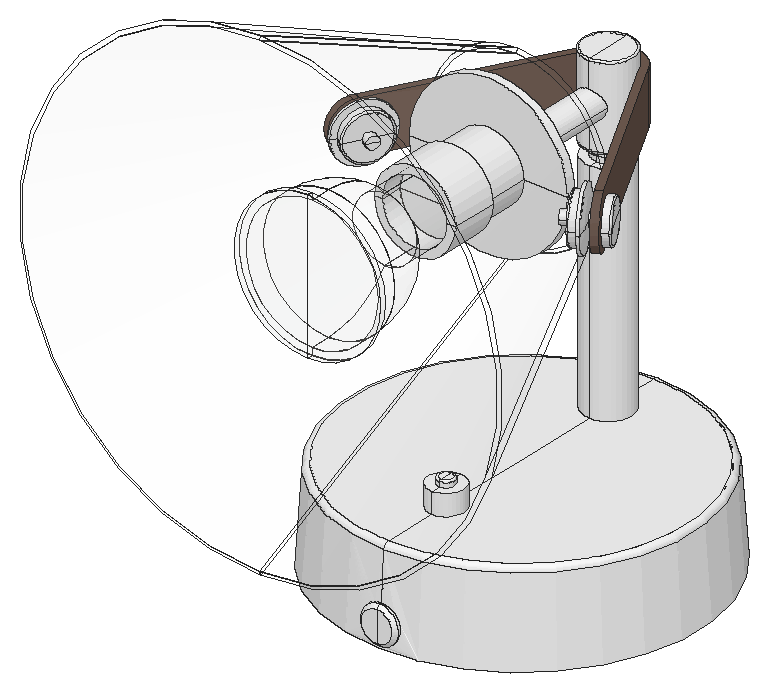
Revit family "Lighting_Wall-Mounted_Nordlux_Strap_15", category Lighting Fixtures, host Face, Revit 2017
Family settings
  Host = Face
  Round Connector Dimension = Use Diameter
  Part Type = Normal
  OmniClass Number = 23.80.70.00
  OmniClass Title = Lighting
  Cut with Voids When Loaded = No
  Light Source = Yes
  Shared = No
  Room Calculation Point = No
Parameters (values of type "Strap 15 - white/white opal with brown straps")
  Wattage = 6.7321 W
  WarrantyStartDate [instance] = "n/a"
  WarrantyGuarantorParts = "n/a"
  WarrantyGuarantorLabor = "n/a"
  WarrantyDurationUnit = "Hours"
  WarrantyDurationParts = "n/a"
  WarrantyDurationLabor = "n/a"
  WarrantyDescription = "n/a"
  built-in parameter 1150110 = 1 (stored number, unit not read)
  VersionDate = "01/07/2020"  # constant formula
  Version = "1"  # constant formula
  UsageCurrent = 0 A
  Uniclass2015Reference = "Pr_70_70_48_85"
  Uniclass2015Description = "Surface luminaires"
  Uniclass2 = "Pr_70_70_48_85"
  URL = "https://www.nordlux.com/products/product/46241001"
  Type Comments = ""
  TotalWattage = 8 W
  built-in parameter 1114217 = 1 (stored number, unit not read)
  Tilt Angle = 90.00°
  built-in parameter 1150109 = 1 (stored number, unit not read)
  built-in parameter 1150134 = (empty or 0)
  TagNumber [instance] = "n/a"
  SustainabilityPerformance = "n/a"
  built-in parameter 1150113 = 1 (stored number, unit not read)
  Socket = "GU10"
  Size = "Shade: 165x165x170 mm / Base mount 123x123x31mm"  # constant formula
  Shape = "Sculptured"
  SerialNumber [instance] = "n/a"
  Revision = "1"  # constant formula
  ReplacementCost = "n/a"
  ProductInformation = "n/a"
  Product data url = "https://www.bimobject.com/nordlux/product/strap_15_wall"
  Photometric Web File = "4624 Strap 15 Væg Opal.ies"
  PhaseReference = "n/a"
  PhaseAngle = 0.00°
  NumberOfSources = 0
  NumberOfPoles = 1
  built-in parameter 1150142 = "IESNA:LM-63-2002\r\n[TEST] Viso LabSpion - serial: 3247052577 sensor serial: 0408532695\r\n[TESTLAB] Viso LabSpion - serial: 3247052577 sensor serial: 0408532695 - Test lab\r\n[MANUFAC] Nordlux\r\n[ISSUEDATE] 29-05-2019\r\n[LUMINAIRE] 4624 Strap 15 Væg Opal\r\n[LUMCAT] B2019125\r\n[_SERIALNUMBER] VFR-190529-0321-MS\r\nTILT=NONE\r\n1 328 1 37 5 1 2 -0.165 -0.165 0.17\r\n1.0 1.0 3.18\r\n0 5 10 15 20 25 30 35 40 45 50 55 60 65 70 75 80 85 90 95 100 105 110 115 120 125 130 135 140 145 150 155 160 165 170 175 180\r\n0 90 180 270 360 \r\n42.1608 42.3999 43.8505 45.6332 47.7112 50.6735 54.0789 56.6676 58.7667 60.5339 61.404 61.2536 59.6495 54.0263 39.0048 22.6422 14.5886 11.725 10.6859 10.9872 11.6476 12.0829 12.5312 12.9415 13.392 13.4536 13.3948 13.4217 13.0929 12.7963\r\n 12.3718 11.5723 10.0573 7.6818 3.7419 0.6895 0.6023\r\n42.1608 42.6015 44.1435 45.6504 47.9814 50.3764 54.1817 57.659 60.1436 62.4715 63.3401 62.9755 61.3631 56.4468 39.0859 20.2125 14.4085 12.0083 10.5858 11.0173 11.1719 9.3983 4.6273 3.8678 4.2458 4.5984 4.8098 4.7699 4.9825 5.2416 5.4197\r\n 5.4675 4.8666 3.3069 1.7563 1.0618 0.6023\r\n42.1608 42.3999 43.8505 45.6332 47.7112 50.6735 54.0789 56.6676 58.7667 60.5339 61.404 61.2536 59.6495 54.0263 39.0048 22.6422 14.5886 11.725 10.6859 10.9872 11.6476 12.0829 12.5312 12.9415 13.392 13.4536 13.3948 13.4217 13.0929 12.7963\r\n 12.3718 11.5723 10.0573 7.6818 3.7419 0.6895 0.6023\r\n42.1608 42.6015 44.1435 45.6504 47.9814 50.3764 54.1817 57.659 60.1436 62.4715 63.3401 62.9755 61.3631 56.4468 39.0859 20.2125 14.4085 12.0083 10.5858 11.0173 11.1719 9.3983 4.6273 3.8678 4.2458 4.5984 4.8098 4.7699 4.9825 5.2416 5.4197\r\n 5.4675 4.8666 3.3069 1.7563 1.0618 0.6023\r\n42.1608 42.3999 43.8505 45.6332 47.7112 50.6735 54.0789 56.6676 58.7667 60.5339 61.404 61.2536 59.6495 54.0263 39.0048 22.6422 14.5886 11.725 10.6859 10.9872 11.6476 12.0829 12.5312 12.9415 13.392 13.4536 13.3948 13.4217 13.0929 12.7963\r\n 12.3718 11.5723 10.0573 7.6818 3.7419 0.6895 0.6023\r\n"
  NominalWidth = 165.003 mm
  NominalVoltageCalc = 0 V
  NominalVoltage = 230 V
  NominalRadius = NominalDiameter / 2  # 82.5 mm
  NominalLength = 171.854 mm
  NominalHeight = 209.151 mm
  NominalFrequencyRange = 50 Hz
  NominalDiameter = 165 mm
  NominalCurrent = 0 A
  Name = "Strap_15"  # constant formula
  NBSReference = "90-60-50/405"
  NBSDescription = "General purpose luminaires"
  ModelReference = ArticleNumber  # "46241001"
  ModelNumber = "n/a"
  Model = "Strap 15 - white/white opal with brown straps"
  Material = "Glass, metal & leather"
  ManufacturersSpecificInformation = "n/a"
  ManufacturerURL = "https://www.nordlux.com/"
  ManufacturerName = "Nordlux"
  Manufacturer = "Nordlux"
  MaintenanceFactor = 0
  built-in parameter 1150105 = 1506.4 (stored number, unit not read)
  Lumens = 1000 lm
  built-in parameter 1150115 = 1 (stored number, unit not read)
  LightSource = "Not included"
  LightFixtureTertiaryMaterial = Chrome
  LightFixtureSecondaryMaterial = Brown leather
  LightFixtureQuaternaryMaterial = Opal white
  LightFixturePlacingType = "Wall"
  LightFixtureMountingType = "Surface"
  LightFixtureMainMaterial = White
  built-in parameter 1150137 = (empty or 0)
  built-in parameter 1150139 = (empty or 0)
  LensMaterial = Glass
  built-in parameter 1150112 = 1 (stored number, unit not read)
  built-in parameter 1150114 = 1 (stored number, unit not read)
  InsulationStandardClass = "Class 2 (Double isolated)"
  InstallationDate [instance] = "n/a"
  built-in parameter 1150132 = 2
  built-in parameter 1150102 = (empty or 0)
  built-in parameter 1150107 = 3000 (stored number, unit not read)
  built-in parameter 1150138 = (empty or 0)
  built-in parameter 1150106 = 15.064 (stored number, unit not read)
  IfcExportType = "NOTDEFINED"  # constant formula
  IfcExportAs = "IfcLightFixtureType"  # constant formula
  IP_Code = "IP20"
  HasProtectiveEarth = no
  Grade = "n/a"
  Finish = "Primary material glass, secondary material leather, textile cable."
  Features = "White textile cable 200cm. Cable can be replaced."
  ExpectedLife = "n/a"
  EnergyClass = "A++ - A"
  Emit from Circle Diameter = 50 mm
  Emit Shape Visible in Rendering = no
  ElectricalDeviceNominalPower = 0
  built-in parameter 1150104 = 13.8 (stored number, unit not read)
  EANNumber = "5701581397484"
  DurationUnit = "Hours"
  Dimming Lamp Color Temperature Shift = <None>
  Designer = "Bonnelycke MDD"
  Description = "Metal and leather go well with the light Nordic style. The combination of these materials also allows the light to visually interact with a modern interior, where combining materials is one of the biggest current trends. With STRAP it seems obvious – just as obvious as how a Nordic light design is named after a leather strap. The narrow and elegant leather gives STRAP both a warm and raw look, which balances between the classic and the industrial. It comes with two leather straps in brown and black respectively, so it's up to you to give the STRAP the final look."
  Default Elevation = 0 mm
  ConvergoRefNr = "0143-1909-0019-DK"  # constant formula
  Constituents = "n/a"
  Color Filter = 16777215
  Color = "White"
  Collection = "Strap"
  CodePerformance = "n/a"
  Category = "Indoor lighting"
  Brand = "n/a"
  Barcode [instance] = "n/a"
  built-in parameter 1114218 = 1 (stored number, unit not read)
  BIMObjectName = "Lighting_Wall-Mounted_Nordlux_Strap_15"  # constant formula
  Author = "Convergo AB"  # constant formula
  built-in parameter 1150133 = 10 (stored number, unit not read)
  AssetType = "Fixed"
  AssetIdentifier [instance] = "n/a"
  ArticleNumber = "46241001"
  AccessibilityPerformance = "n/a"
Reference planes
  plane 1 "Center (Front/Back)": y = 0
  plane 2: z = 0
  plane 3 "Center (Left/Right)": x = 0
  plane 4: y = 85.927
  plane 5: y = -85.927
  plane 6: z = 209.151
  plane 7: x = 82.501
  plane 8: x = -82.501
Forms (mm)
  Extrusion 1, solid, material "White" <- "LightFixtureMainMaterial", detail levels coarse
    sketch origin (0, 0, 0) x (1, 0, 0) y (0, 1, 0)
      loop
        line (-82.501, 85.927) -> (-82.501, -85.927) -> (82.501, -85.927) -> (82.501, 85.927) -> (-82.501, 85.927)
    from 0 to 209.151
Dimensions and locks
  equal spacing: plane 8, plane 3 "Center (Left/Right)", plane 7
  equal spacing: plane 4, plane 1 "Center (Front/Back)", plane 5
  "NominalLength": plane 4 to plane 5
  "NominalWidth": plane 8 to plane 7
  "NominalHeight": plane 6 to level
  aligned and locked: plane 2 to host face
  aligned and locked: level to host face
  aligned and locked: Extrusion 1 sketch curve to plane 8
  aligned and locked: Extrusion 1 sketch curve to plane 7
  aligned and locked: Extrusion 1 sketch curve to plane 4
  aligned and locked: Extrusion 1 sketch curve to plane 5
  aligned and locked: Extrusion 1 to plane 6
  aligned and locked: plane 3 "Center (Left/Right)" to nested 1
  aligned and locked: nested 1 to plane 1 "Center (Front/Back)"
  aligned and locked: imposter light to nested 1  (x2)
Automatic sketch dimensions
  host sketch curve to host sketch curve = 2438.4 mm  (x2)
Nested families
  nested 1: "Strap_15_Wall" at (0, -85.927, 126.65) x (1, 0, 0) z (0, 1, 0), Glass <- "LensMaterial", Metal <- "LightFixtureMainMaterial", Strap <- "LightFixtureSecondaryMaterial", Nuts <- "LightFixtureTertiaryMaterial", LampMaterial <- "LightFixtureQuaternaryMaterial", type "Strap_15_Wall"
    with Strap Brown leather, Nuts Chrome, Metal White, LampMaterial Opal white, Glass Glass
Connectors
  electrical at (0, -36.173, 7), driven by "NumberOfPoles", driven by "NominalVoltage"
    settings: on nested 1, index 1, voltage 230 V, apparent load 0 VA, apparent load phase1 0 VA, apparent load phase2 0 VA, apparent load phase3 0 VA, power factor 1, load classification "Other", number of poles 1, system type 31, power factor state 1, is connector primary yes, connector utility no, sub classification motor no, connector description ""
Definition of nested family "Strap_15_Wall"
  Parameters (values of type "Strap_15_Wall")
    Strap [instance] = none
    Nuts [instance] = none
    Metal [instance] = none
    LampMaterial [instance] = none
    Glass [instance] = none
    Default Elevation = 1219.2 mm
  Reference planes
    plane 1 "Center (Front/Back)": y = 0
    plane 2: z = 0
    plane 3 "Center (Left/Right)": x = 0
    plane 4: z = 171.854
    plane 5: z = 20.354
    plane 6: x = -82.501
    plane 7: x = 82.501
    plane 8: y = 126.65
    plane 9: y = -82.501
    plane 10: y = 22.074
    plane 11: z = 85.927
  Forms (mm)
    Revolve 1, solid, material <- "LampMaterial", detail levels medium+fine
      sketch origin (0, 0, 0) x (0, 1, 0) y (0, 0, 1)
        loop
          line (81.093, -0.001) -> (82.501, 0.512)
          arc (82.501, 0.512) -> (58.841, 56.399) -> (30.478, 110.052) r 707.47
          line (30.478, 110.052) -> (29.161, 109.282)
          arc (29.161, 109.282) -> (57.472, 55.755) -> (81.093, -0.001) r 705.97
        axis (0, 110.052) -> (0, -0.001)
      angle from 0 to 360
    Revolve 2, solid, material <- "Glass", detail levels medium+fine
      sketch origin (0, 0, -10.439) x (0, 1, 0) y (0, 0, 1)
        loop
          line (0, 30.793) -> (25, 30.793) -> (25, 32.793) -> (22.5, 32.793) -> (22.5, 39.96)
          arc (22.5, 39.96) -> (19.463, 53.223) -> (10.957, 63.843) r 30.481
          line (10.957, 63.843) -> (10.957, 83.843) -> (0, 83.843) -> (0, 30.793)
        axis (0, 83.843) -> (0, 30.793)
      angle from 0 to 360
    Revolve 3, solid, material <- "Metal", detail levels medium+fine
      sketch origin (0, 0, 0) x (1, 0, 0) y (0, 0, 1)
        loop
          line (-5, 100.354) -> (-26.913, 100.354) -> (-26.913, 97.354) -> (-11.955, 97.354) -> (-11.955, 81.85) -> (-13.756, 81.85) -> (-13.756, 66.05) -> (-10.957, 66.05) -> (-10.957, 73.401) -> (0, 73.401) -> (0, 149.676) -> (-5, 149.676) -> (-5, 100.354)
        axis (0, 66.05) -> (0, 149.676)
      angle from 0 to 360
    Extrusion 4, solid, material <- "Strap", detail levels medium+fine
      sketch origin (0, 0, 0) x (1, 0, 0) y (0, 0, 1)
        loop
          line (-46.826, 85.869) -> (-44.617, 84.696)
          arc (-44.617, 84.696) -> (-25.766, 118.343) -> (-7.483, 152.302) r 2298.36
          arc (-7.483, 152.302) -> (0, 156.814) -> (7.483, 152.302) r 8.46
          arc (7.483, 152.302) -> (25.766, 118.343) -> (44.617, 84.696) r 2298.36
          line (44.617, 84.696) -> (46.826, 85.869)
          arc (46.826, 85.869) -> (27.976, 119.513) -> (9.694, 153.469) r 2295.86
          arc (9.694, 153.469) -> (0, 159.314) -> (-9.694, 153.469) r 10.96
          arc (-9.694, 153.469) -> (-27.976, 119.513) -> (-46.826, 85.869) r 2295.86
      from -9 to 9
    Sweep 5, void
      path in 3D
        loop
          line (43.513, -9, 84.11) -> (47.929, -9, 86.455)
      profile origin (45.721, -9, 85.282) x (-0.469002, 0, 0.883197) y (0, -1, 0)
        loop
          line (-1, 0) -> (-1, -18) -> (9, -18)
          arc (9, -18) -> (0, -9) -> (9, 0) r 9
          line (9, 0) -> (-1, 0)
    Sweep 6, void
      path in 3D
        loop
          line (-43.513, -9, 84.11) -> (-47.929, -9, 86.455)
      profile origin (-45.721, -9, 85.282) x (-0.469002, 0, -0.883197) y (0, -1, 0)
        loop
          line (1, 0) -> (-9, 0)
          arc (-9, 0) -> (0, -9) -> (-9, -18) r 9
          line (-9, -18) -> (1, -18) -> (1, 0)
    Revolve 7, solid, material <- "Nuts", detail levels medium+fine
      sketch origin (0, 0, 0) x (1, 0, 0) y (0, 0, 1)
        loop
          line (-45.053, 95.225) -> (-31.889, 88.035) -> (-30.93, 89.79) -> (-33.547, 91.22) -> (-30.898, 96.069)
          arc (-30.898, 96.069) -> (-30.857, 96.449) -> (-31.097, 96.747) r 0.5
          line (-31.097, 96.747) -> (-33.291, 97.946) -> (-32.345, 99.679) -> (-33.222, 100.158)
          arc (-33.222, 100.158) -> (-35.68, 96.969) -> (-37.716, 93.497) r 31.869
          line (-37.716, 93.497) -> (-41.462, 95.543) -> (-39.065, 99.931) -> (-41.259, 101.129)
          arc (-41.259, 101.129) -> (-41.639, 101.17) -> (-41.937, 100.93) r 0.5
          line (-41.937, 100.93) -> (-45.053, 95.225)
        axis (-45.053, 95.225) -> (-31.889, 88.035)
      angle from 0 to 360
    Revolve 8, solid, material <- "Nuts", detail levels medium+fine
      sketch origin (0, 0, 0) x (-1, 0, 0) y (0, 0, 1)
        loop
          line (-45.053, 95.225) -> (-31.889, 88.035) -> (-30.93, 89.79) -> (-33.547, 91.22) -> (-30.898, 96.069)
          arc (-30.898, 96.069) -> (-30.857, 96.449) -> (-31.097, 96.747) r 0.5
          line (-31.097, 96.747) -> (-33.291, 97.946) -> (-32.345, 99.679) -> (-33.222, 100.158)
          arc (-33.222, 100.158) -> (-35.68, 96.969) -> (-37.716, 93.497) r 31.869
          line (-37.716, 93.497) -> (-41.462, 95.543) -> (-39.065, 99.931) -> (-41.259, 101.129)
          arc (-41.259, 101.129) -> (-41.639, 101.17) -> (-41.937, 100.93) r 0.5
          line (-41.937, 100.93) -> (-45.053, 95.225)
        axis (-45.053, 95.225) -> (-31.889, 88.035)
      angle from 0 to 360
    Revolve 9, solid, material <- "Metal", detail levels medium+fine
      sketch origin (0, 0, 0) x (0, 1, 0) y (0, 0, 1)
        loop
          line (14.15, 148.354) -> (14.15, 156.314)
          arc (14.15, 156.314) -> (14.004, 156.668) -> (13.65, 156.814) r 0.5
          line (13.65, 156.814) -> (-13.65, 156.814)
          arc (-13.65, 156.814) -> (-14.004, 156.668) -> (-14.15, 156.314) r 0.5
          line (-14.15, 156.314) -> (-14.15, 148.354) -> (14.15, 148.354)
        axis (-14.15, 148.354) -> (14.15, 148.354)
      angle from 0 to 360
    Revolve 10, solid, material <- "Metal", detail levels medium+fine
      sketch origin (0, 0, 0) x (0, 1, 0) y (0, 0, 1)
        loop
          line (99.591, 148.354) -> (99.591, 156.383) -> (18.65, 156.383) -> (18.65, 153.387) -> (16.15, 153.387) -> (16.15, 154.613) -> (14.15, 154.613) -> (14.15, 148.354) -> (99.591, 148.354)
        axis (14.15, 148.354) -> (99.591, 148.354)
      angle from 0 to 360
    Revolve 11, solid, material <- "Metal", detail levels medium+fine
      sketch origin (0, 0, 0) x (0, 1, 0) y (0, 0, 1)
        loop
          line (126.65, 111.354) -> (126.65, 171.854) -> (97.51, 169.816)
          arc (97.51, 169.816) -> (96.187, 169.185) -> (95.65, 167.821) r 2
          line (95.65, 167.821) -> (95.65, 111.354) -> (126.65, 111.354)
        axis (126.65, 111.354) -> (95.65, 111.354)
      angle from 0 to 360
    Revolve 12, solid, material <- "Metal", detail levels medium+fine
      sketch origin (0, 0, 0) x (0, 1, 0) y (0, 0, 1)
        loop
          line (119.65, 49.754) -> (124.894, 49.754) -> (126.058, 51.094) -> (126.058, 55.026) -> (119.65, 55.026) -> (119.65, 49.754)
        axis (119.65, 55.026) -> (119.65, 49.754)
      angle from 0 to 360
    Revolve 13, solid, material <- "Metal", detail levels medium+fine
      sketch origin (0, 0, 0) x (0, 1, 0) y (0, 0, 1)
        loop
          line (86.65, 79.343) -> (102.452, 79.343) -> (102.452, 85.331) -> (88.65, 85.331) -> (88.65, 82.078) -> (87.15, 82.078)
          arc (87.15, 82.078) -> (86.796, 81.932) -> (86.65, 81.578) r 0.5
          line (86.65, 81.578) -> (86.65, 79.343)
        axis (102.452, 79.343) -> (86.65, 79.343)
      angle from 0 to 360
  Cuts and joins
    Sweep 5, Sweep 6 cuts Extrusion 4
    joined: Revolve 3, Revolve 9, Revolve 10, Revolve 11, Revolve 12, Revolve 13
    joined: Revolve 7, Revolve 8
  Lines and regions (mm)
    sketch lines
      curve 1: line (43.513, -9, 84.11) -> (47.929, -9, 86.455)
      curve 2: line (-43.513, -9, 84.11) -> (-47.929, -9, 86.455)
    symbolic lines, detail levels medium+fine
      curve 3: line (-81.093, 0, -0.001) -> (0, 0, -0.001)
      curve 4: line (-82.501, 0, 0.512) -> (-81.093, 0, -0.001)
      curve 6: line (81.093, 0, -0.001) -> (0, 0, -0.001)
      curve 7: line (82.501, 0, 0.512) -> (81.093, 0, -0.001)
      curve 8: line (0, 0, -0.001) -> (0, 81.093, -0.001)
      curve 9: line (0, 81.093, -0.001) -> (0, 82.501, 0.512)
      curve 10: arc (0, 82.501, 0.512) -> (0, 58.841, 56.399) -> (0, 30.478, 110.052) r 707.47
      curve 11: line (0, 9, 110.052) -> (0, 30.478, 110.052)
      curve 13: line (0, 14.15, 156.326) -> (0, 14.15, 154.604)
      curve 14: line (0, 13.65, 139.824) -> (0, 9, 139.824)
      curve 15: line (0, 13.65, 156.826) -> (0, 9, 156.826)
      curve 16: arc (0, 13.65, 156.826) -> (0, 14.004, 156.679) -> (0, 14.15, 156.326) r 0.5
      curve 17: arc (0, 14.15, 140.324) -> (0, 14.004, 139.97) -> (0, 13.65, 139.824) r 0.5
      curve 24: line (0, 9, 110.052) -> (0, 9, 139.824)
      curve 28: line (0, 0, -0.001) -> (0, -81.093, -0.001)
      curve 29: line (0, -81.093, -0.001) -> (0, -82.501, 0.512)
      curve 30: arc (0, -82.501, 0.512) -> (0, -58.841, 56.399) -> (0, -30.478, 110.052) r 707.47
      curve 31: line (0, -9, 110.052) -> (0, -30.478, 110.052)
      curve 33: line (0, -14.153, 156.326) -> (0, -14.153, 140.324)
      curve 34: line (0, -13.653, 139.824) -> (0, -9, 139.824)
      curve 35: line (0, -13.653, 156.826) -> (0, -9, 156.826)
      curve 36: arc (0, -13.653, 156.826) -> (0, -14.006, 156.679) -> (0, -14.153, 156.326) r 0.5
      curve 37: arc (0, -14.153, 140.324) -> (0, -14.006, 139.97) -> (0, -13.653, 139.824) r 0.5
      curve 44: line (0, -9, 110.052) -> (0, -9, 139.824)
      curve 46: arc (-8.028, 82.11, 0) -> (0, -82.501, 0) -> (8.028, 82.11, 0) r 82.501
      curve 50: line (0, 9, 156.826) -> (0, 9, 158.4)
      curve 51: line (0, 9, 158.4) -> (0, -9, 158.4)
      curve 52: line (0, -9, 158.4) -> (0, -9, 156.826)
      curve 53: line (0, 16.15, 154.604) -> (0, 14.15, 154.604)
      curve 54: line (0, 16.15, 154.604) -> (0, 16.15, 153.329)
      curve 55: line (0, 16.97, 153.329) -> (0, 16.15, 153.329)
      curve 56: line (0, 16.97, 153.329) -> (0, 16.97, 152.354)
      curve 57: line (0, 16.97, 152.354) -> (0, 18.65, 152.354)
      curve 58: line (0, 18.65, 152.354) -> (0, 18.65, 155.132)
      curve 59: line (0, 18.65, 155.132) -> (0, 22.4, 155.132)
      curve 60: arc (0, 22.4, 155.132) -> (0, 24.602, 155.443) -> (0, 26.631, 156.354) r 7.934
      curve 61: line (0, 26.631, 156.354) -> (0, 95.65, 156.354)
      curve 62: line (0, 95.65, 156.354) -> (0, 95.65, 167.821)
      curve 63: line (0, 126.65, 171.854) -> (0, 97.51, 169.816)
      curve 64: arc (0, 97.51, 169.816) -> (0, 96.187, 169.185) -> (0, 95.65, 167.821) r 2
      curve 65: line (0, 126.65, 50.854) -> (0, 125.892, 50.907)
      curve 66: arc (0, 97.51, 52.892) -> (0, 96.187, 53.523) -> (0, 95.65, 54.887) r 2
      curve 67: line (0, 126.65, 50.854) -> (0, 126.65, 171.854)
      curve 68: line (0, 18.65, 140.354) -> (0, 95.65, 140.354)
      curve 69: line (0, 95.65, 54.887) -> (0, 95.65, 73.303)
      curve 71: line (0, 124.739, 49.754) -> (0, 125.892, 50.907)
      curve 72: line (0, 114.561, 49.754) -> (0, 112.47, 51.846)
      curve 73: line (0, 114.561, 49.754) -> (0, 124.739, 49.754)
      curve 75: line (0, 112.47, 51.846) -> (0, 97.51, 52.892)
      curve 76: line (0, 95.65, 73.303) -> (0, 88.65, 73.303)
      curve 77: line (0, 95.65, 85.331) -> (0, 88.65, 85.331)
      curve 78: line (0, 88.65, 85.331) -> (0, 88.65, 82.078)
      curve 79: line (0, 88.65, 76.609) -> (0, 87.15, 76.609)
      curve 80: line (0, 88.65, 82.078) -> (0, 87.15, 82.078)
      curve 81: line (0, 86.65, 77.109) -> (0, 86.65, 81.578)
      curve 82: arc (0, 87.15, 82.078) -> (0, 86.796, 81.932) -> (0, 86.65, 81.578) r 0.5
      curve 83: arc (0, 86.65, 77.109) -> (0, 86.796, 76.755) -> (0, 87.15, 76.609) r 0.5
      curve 84: line (0, 88.65, 76.609) -> (0, 88.65, 73.303)
      curve 86: line (0, 95.65, 85.331) -> (0, 95.65, 140.354)
      curve 88: line (0, 16.15, 142.045) -> (0, 14.15, 142.045)
      curve 89: line (0, 16.15, 142.045) -> (0, 16.15, 143.321)
      curve 90: line (0, 16.97, 143.321) -> (0, 16.15, 143.321)
      curve 91: line (0, 16.97, 143.321) -> (0, 16.97, 144.295)
      curve 92: line (0, 16.97, 144.295) -> (0, 18.65, 144.295)
      curve 93: line (0, 18.65, 144.295) -> (0, 18.65, 140.354)
      curve 97: arc (49.132, 0, 76.051) -> (0, 0, 171.854) -> (-49.132, 0, 76.051) r 60.5
      curve 98: arc (-49.132, 0, 76.051) -> (-66.92, 0, 38.769) -> (-82.501, 0, 0.512) r 707.47
      curve 99: arc (49.132, 0, 76.051) -> (66.92, 0, 38.769) -> (82.501, 0, 0.512) r 707.47
      curve 115: line (-60.5, 126.65, 0) -> (0, 126.65, 0)
      curve 116: line (-58.462, 97.51, 0) -> (-60.5, 126.65, 0)
      curve 117: line (-56.467, 95.65, 0) -> (-8.028, 95.65, 0)
      curve 118: line (-8.028, 95.65, 0) -> (-8.028, 82.11, 0)
      curve 119: arc (-56.467, 95.65, 0) -> (-57.831, 96.187, 0) -> (-58.462, 97.51, 0) r 2
      curve 120: line (60.5, 126.65, 0) -> (0, 126.65, 0)
      curve 121: line (58.462, 97.51, 0) -> (60.5, 126.65, 0)
      curve 122: line (56.467, 95.65, 0) -> (8.028, 95.65, 0)
      curve 123: line (8.028, 95.65, 0) -> (8.028, 82.11, 0)
      curve 124: arc (56.467, 95.65, 0) -> (57.831, 96.187, 0) -> (58.462, 97.51, 0) r 2
      curve 171: line (0, 14.15, 142.045) -> (0, 14.15, 140.324)
    symbolic lines, detail levels fine
      curve 5: arc (-44.653, 0, 84.628) -> (-46.907, 0, 80.347) -> (-49.132, 0, 76.051) r 707.47
      curve 12: line (0, 9, 92.618) -> (0, 9, 110.052)
      curve 18: spline (0, 0, 84.696) -> (0, 1.175, 84.764) -> (0, 2.329, 84.966) -> (0, 3.444, 85.299) -> (0, 4.5, 85.758) -> (0, 5.479, 86.333) -> (0, 6.364, 87.016) -> (0, 7.14, 87.796) -> (0, 7.794, 88.657) -> (0, 8.315, 89.587) -> (0, 8.693, 90.568) -> (0, 8.923, 91.584) -> (0, 9, 92.618)
      curve 19: spline (0, 9, 93.791) -> (0, 8.923, 92.76) -> (0, 8.693, 91.746) -> (0, 8.315, 90.767) -> (0, 7.794, 89.84) -> (0, 7.14, 88.979) -> (0, 6.364, 88.2) -> (0, 5.479, 87.517) -> (0, 4.5, 86.94) -> (0, 3.444, 86.48) -> (0, 2.329, 86.145) -> (0, 1.175, 85.94) -> (0, 0, 85.869)
      curve 20: spline (0, 7, 93.791) -> (0, 6.941, 92.989) -> (0, 6.762, 92.2) -> (0, 6.468, 91.439) -> (0, 6.063, 90.718) -> (0, 5.555, 90.049) -> (0, 4.951, 89.445) -> (0, 4.263, 88.914) -> (0, 3.501, 88.468) -> (0, 2.68, 88.112) -> (0, 1.812, 87.854) -> (0, 0.914, 87.697) -> (0, 0, 87.644)
      curve 21: spline (0, 7, 95.079) -> (0, 6.94, 95.881) -> (0, 6.761, 96.669) -> (0, 6.467, 97.43) -> (0, 6.062, 98.151) -> (0, 5.553, 98.819) -> (0, 4.95, 99.423) -> (0, 4.261, 99.953) -> (0, 3.5, 100.399) -> (0, 2.679, 100.755) -> (0, 1.812, 101.013) -> (0, 0.914, 101.17) -> (0, 0, 101.222)
      curve 22: line (0, 7, 95.079) -> (0, 7, 93.791)
      curve 23: line (0, 82.501, 0.512) -> (0, 0, 0.512)
      curve 25: line (0, 9, 139.824) -> (0, 9, 156.826)
      curve 26: line (-82.501, 0, 0.512) -> (0, 0, 0.512)
      curve 27: line (82.501, 0, 0.512) -> (0, 0, 0.512)
      curve 32: line (0, -9, 92.618) -> (0, -9, 110.052)
      curve 38: spline (0, 0, 84.696) -> (0, -1.175, 84.764) -> (0, -2.329, 84.966) -> (0, -3.444, 85.299) -> (0, -4.5, 85.758) -> (0, -5.479, 86.333) -> (0, -6.364, 87.016) -> (0, -7.14, 87.796) -> (0, -7.794, 88.657) -> (0, -8.315, 89.587) -> (0, -8.693, 90.568) -> (0, -8.923, 91.584) -> (0, -9, 92.618)
      curve 39: spline (0, -9, 93.791) -> (0, -8.923, 92.76) -> (0, -8.693, 91.746) -> (0, -8.315, 90.767) -> (0, -7.794, 89.84) -> (0, -7.14, 88.979) -> (0, -6.364, 88.2) -> (0, -5.479, 87.517) -> (0, -4.5, 86.94) -> (0, -3.444, 86.48) -> (0, -2.329, 86.145) -> (0, -1.175, 85.94) -> (0, 0, 85.869)
      curve 40: spline (0, -7, 93.791) -> (0, -6.941, 92.989) -> (0, -6.762, 92.2) -> (0, -6.468, 91.439) -> (0, -6.063, 90.718) -> (0, -5.555, 90.049) -> (0, -4.951, 89.445) -> (0, -4.263, 88.914) -> (0, -3.501, 88.468) -> (0, -2.68, 88.112) -> (0, -1.812, 87.854) -> (0, -0.914, 87.697) -> (0, 0, 87.644)
      curve 41: spline (0, -7, 95.079) -> (0, -6.94, 95.881) -> (0, -6.761, 96.669) -> (0, -6.467, 97.43) -> (0, -6.062, 98.151) -> (0, -5.553, 98.819) -> (0, -4.95, 99.423) -> (0, -4.261, 99.953) -> (0, -3.5, 100.399) -> (0, -2.679, 100.755) -> (0, -1.812, 101.013) -> (0, -0.914, 101.17) -> (0, 0, 101.222)
      curve 42: line (0, -7, 95.079) -> (0, -7, 93.791)
      curve 43: line (0, -82.501, 0.512) -> (0, 0, 0.512)
      curve 45: line (0, -9, 139.824) -> (0, -9, 156.826)
      curve 47: arc (-8.028, 80.695, 0) -> (0, -81.093, 0) -> (8.028, 80.695, 0) r 81.093
      curve 48: arc (-8.028, 28.034, 0) -> (-20.257, 20.976, 0) -> (-27.737, 9, 0) r 29.161
      curve 49: arc (-8.028, 23.676, 0) -> (-17.309, 18.039, 0) -> (-23.324, 9, 0) r 25
      curve 70: line (0, 95.65, 140.354) -> (0, 95.65, 156.354)
      curve 74: line (0, 125.892, 50.907) -> (0, 112.47, 51.846)
      curve 85: line (0, 88.65, 82.078) -> (0, 88.65, 76.609)
      curve 87: line (0, 95.65, 73.303) -> (0, 95.65, 85.331)
      curve 94: line (0, 18.65, 144.295) -> (0, 18.65, 152.354)
      curve 95: line (0, 60.65, 156.354) -> (0, 60.65, 140.354)
      curve 96: line (0, 50.65, 156.354) -> (0, 50.65, 140.354)
      curve 100: arc (-9.694, 0, 153.469) -> (-27.976, 0, 119.513) -> (-46.826, 0, 85.869) r 2295.86
      curve 101: line (-46.826, 0, 85.869) -> (-44.653, 0, 84.628)
      curve 102: arc (0, 0, 159.314) -> (-5.66, 0, 157.74) -> (-9.694, 0, 153.469) r 10.96
      curve 103: arc (0, 0, 139.894) -> (-8.46, 0, 148.354) -> (0, 0, 156.814) r 8.46
      curve 104: arc (-44.617, 0, 84.696) -> (-25.766, 0, 118.343) -> (-7.483, 0, 152.302) r 2298.36
      curve 105: line (-5, 0, 141.529) -> (-5, 0, 110.052)
      curve 106: line (-30.343, 0, 110.052) -> (0, 0, 110.052)
      curve 107: arc (44.653, 0, 84.628) -> (46.907, 0, 80.347) -> (49.132, 0, 76.051) r 707.47
      curve 108: arc (9.694, 0, 153.469) -> (27.976, 0, 119.513) -> (46.826, 0, 85.869) r 2295.86
      curve 109: line (46.826, 0, 85.869) -> (44.653, 0, 84.628)
      curve 110: arc (0, 0, 159.314) -> (5.66, 0, 157.74) -> (9.694, 0, 153.469) r 10.96
      curve 111: arc (0, 0, 139.894) -> (8.46, 0, 148.354) -> (0, 0, 156.814) r 8.46
      curve 112: arc (44.617, 0, 84.696) -> (25.766, 0, 118.343) -> (7.483, 0, 152.302) r 2298.36
      curve 113: line (5, 0, 141.529) -> (5, 0, 110.052)
      curve 114: line (30.343, 0, 110.052) -> (0, 0, 110.052)
      curve 125: line (42.374, 9, 0) -> (-42.374, 9, 0)
      curve 126: spline (-45.219, 6.913, 0) -> (-45.016, 7.235, 0) -> (-44.805, 7.533, 0) -> (-44.585, 7.805, 0) -> (-44.358, 8.051, 0) -> (-44.125, 8.271, 0) -> (-43.886, 8.462, 0) -> (-43.642, 8.626, 0) -> (-43.393, 8.76, 0) -> (-43.141, 8.865, 0) -> (-42.887, 8.94, 0) -> (-42.631, 8.985, 0) -> (-42.374, 9, 0)
      curve 127: spline (-42.374, -9, 0) -> (-42.632, -8.985, 0) -> (-42.889, -8.94, 0) -> (-43.144, -8.864, 0) -> (-43.397, -8.759, 0) -> (-43.646, -8.625, 0) -> (-43.891, -8.462, 0) -> (-44.131, -8.27, 0) -> (-44.365, -8.05, 0) -> (-44.592, -7.804, 0) -> (-44.812, -7.531, 0) -> (-45.024, -7.233, 0) -> (-45.226, -6.91, 0)
      curve 128: line (-42.374, -9, 0) -> (42.374, -9, 0)
      curve 129: spline (-42.374, 6.999, 0) -> (-41.941, 6.928, 0) -> (-41.515, 6.74, 0) -> (-41.105, 6.439, 0) -> (-40.716, 6.03, 0) -> (-40.357, 5.519, 0) -> (-40.032, 4.916, 0) -> (-39.747, 4.23, 0) -> (-39.507, 3.472, 0) -> (-39.316, 2.657, 0) -> (-39.177, 1.796, 0) -> (-39.093, 0.906, 0) -> (-39.065, 0, 0)
      curve 130: line (-42.374, 6.999, 0) -> (-44.737, 6.999, 0)
      curve 131: spline (-44.737, 6.999, 0) -> (-45.171, 6.928, 0) -> (-45.596, 6.74, 0) -> (-46.007, 6.439, 0) -> (-46.395, 6.03, 0) -> (-46.755, 5.519, 0) -> (-47.08, 4.916, 0) -> (-47.365, 4.23, 0) -> (-47.604, 3.472, 0) -> (-47.795, 2.657, 0) -> (-47.934, 1.796, 0) -> (-48.018, 0.906, 0) -> (-48.046, 0, 0)
      curve 132: spline (-42.374, -6.999, 0) -> (-41.941, -6.928, 0) -> (-41.515, -6.74, 0) -> (-41.105, -6.439, 0) -> (-40.716, -6.03, 0) -> (-40.357, -5.519, 0) -> (-40.032, -4.916, 0) -> (-39.747, -4.23, 0) -> (-39.507, -3.472, 0) -> (-39.316, -2.657, 0) -> (-39.177, -1.796, 0) -> (-39.093, -0.906, 0) -> (-39.065, 0, 0)
      curve 133: line (-42.374, -6.999, 0) -> (-44.737, -6.999, 0)
      curve 134: spline (-44.737, -6.999, 0) -> (-45.171, -6.928, 0) -> (-45.596, -6.74, 0) -> (-46.007, -6.439, 0) -> (-46.395, -6.03, 0) -> (-46.755, -5.519, 0) -> (-47.08, -4.916, 0) -> (-47.365, -4.23, 0) -> (-47.604, -3.472, 0) -> (-47.795, -2.657, 0) -> (-47.934, -1.796, 0) -> (-48.018, -0.906, 0) -> (-48.046, 0, 0)
      curve 135: spline (45.219, 6.913, 0) -> (45.016, 7.235, 0) -> (44.805, 7.533, 0) -> (44.585, 7.805, 0) -> (44.358, 8.051, 0) -> (44.125, 8.271, 0) -> (43.886, 8.462, 0) -> (43.642, 8.626, 0) -> (43.393, 8.76, 0) -> (43.141, 8.865, 0) -> (42.887, 8.94, 0) -> (42.631, 8.985, 0) -> (42.374, 9, 0)
      curve 136: spline (42.374, -9, 0) -> (42.632, -8.985, 0) -> (42.889, -8.94, 0) -> (43.144, -8.864, 0) -> (43.397, -8.759, 0) -> (43.646, -8.625, 0) -> (43.891, -8.462, 0) -> (44.131, -8.27, 0) -> (44.365, -8.05, 0) -> (44.592, -7.804, 0) -> (44.812, -7.531, 0) -> (45.024, -7.233, 0) -> (45.226, -6.91, 0)
      curve 137: spline (42.374, 6.999, 0) -> (41.941, 6.928, 0) -> (41.515, 6.74, 0) -> (41.105, 6.439, 0) -> (40.716, 6.03, 0) -> (40.357, 5.519, 0) -> (40.032, 4.916, 0) -> (39.747, 4.23, 0) -> (39.507, 3.472, 0) -> (39.316, 2.657, 0) -> (39.177, 1.796, 0) -> (39.093, 0.906, 0) -> (39.065, 0, 0)
      curve 138: line (42.374, 6.999, 0) -> (44.737, 6.999, 0)
      curve 139: spline (44.737, 6.999, 0) -> (45.171, 6.928, 0) -> (45.596, 6.74, 0) -> (46.007, 6.439, 0) -> (46.395, 6.03, 0) -> (46.755, 5.519, 0) -> (47.08, 4.916, 0) -> (47.365, 4.23, 0) -> (47.604, 3.472, 0) -> (47.795, 2.657, 0) -> (47.934, 1.796, 0) -> (48.018, 0.906, 0) -> (48.046, 0, 0)
      curve 140: spline (42.374, -6.999, 0) -> (41.941, -6.928, 0) -> (41.515, -6.74, 0) -> (41.105, -6.439, 0) -> (40.716, -6.03, 0) -> (40.357, -5.519, 0) -> (40.032, -4.916, 0) -> (39.747, -4.23, 0) -> (39.507, -3.472, 0) -> (39.316, -2.657, 0) -> (39.177, -1.796, 0) -> (39.093, -0.906, 0) -> (39.065, 0, 0)
      curve 141: line (42.374, -6.999, 0) -> (44.737, -6.999, 0)
      curve 142: spline (44.737, -6.999, 0) -> (45.171, -6.928, 0) -> (45.596, -6.74, 0) -> (46.007, -6.439, 0) -> (46.395, -6.03, 0) -> (46.755, -5.519, 0) -> (47.08, -4.916, 0) -> (47.365, -4.23, 0) -> (47.604, -3.472, 0) -> (47.795, -2.657, 0) -> (47.934, -1.796, 0) -> (48.018, -0.906, 0) -> (48.046, 0, 0)
      curve 143: line (-8.509, -13.178, 0) -> (-8.509, -9, 0)
      curve 144: line (-8.509, 9, 0) -> (-8.509, 13.65, 0)
      curve 145: line (-8.009, 14.15, 0) -> (0, 14.15, 0)
      curve 146: line (-6.259, 16.15, 0) -> (0, 16.15, 0)
      curve 147: line (-8.028, 18.65, 0) -> (0, 18.65, 0)
      curve 148: line (-6.259, 16.15, 0) -> (-6.259, 14.15, 0)
      curve 149: line (-5.057, 18.65, 0) -> (-5.057, 16.15, 0)
      curve 150: arc (-8.509, 13.65, 0) -> (-8.363, 14.004, 0) -> (-8.009, 14.15, 0) r 0.5
      curve 151: line (-8.028, 18.65, 0) -> (-8.028, 82.11, 0)
      curve 152: line (-8.009, -13.678, 0) -> (0, -13.678, 0)
      curve 153: arc (-8.509, -13.178, 0) -> (-8.363, -13.532, 0) -> (-8.009, -13.678, 0) r 0.5
      curve 154: line (8.509, -13.178, 0) -> (8.509, -9, 0)
      curve 155: line (8.509, 9, 0) -> (8.509, 13.65, 0)
      curve 156: line (8.009, 14.15, 0) -> (0, 14.15, 0)
      curve 157: line (6.259, 16.15, 0) -> (0, 16.15, 0)
      curve 158: line (8.028, 18.65, 0) -> (0, 18.65, 0)
      curve 159: line (6.259, 16.15, 0) -> (6.259, 14.15, 0)
      curve 160: line (5.057, 18.65, 0) -> (5.057, 16.15, 0)
      curve 161: arc (8.509, 13.65, 0) -> (8.363, 14.004, 0) -> (8.009, 14.15, 0) r 0.5
      curve 162: line (8.028, 18.65, 0) -> (8.028, 82.11, 0)
      curve 163: line (8.009, -13.678, 0) -> (0, -13.678, 0)
      curve 164: arc (8.509, -13.178, 0) -> (8.363, -13.532, 0) -> (8.009, -13.678, 0) r 0.5
      curve 165: arc (-23.324, -9, 0) -> (0, -25, 0) -> (23.324, -9, 0) r 25
      curve 166: arc (-27.737, -9, 0) -> (0, -29.161, 0) -> (27.737, -9, 0) r 29.161
      curve 167: arc (23.324, 9, 0) -> (17.309, 18.039, 0) -> (8.028, 23.676, 0) r 25
      curve 168: arc (27.737, 9, 0) -> (20.257, 20.976, 0) -> (8.028, 28.034, 0) r 29.161
      curve 169: line (8.028, 95.65, 0) -> (0, 95.65, 0)
      curve 170: line (-8.028, 95.65, 0) -> (0, 95.65, 0)
      curve 172: line (0, 14.15, 154.604) -> (0, 14.15, 142.045)
      curve 173: line (0, 16.97, 152.354) -> (0, 16.97, 144.295)
      curve 174: line (0, 16.15, 153.329) -> (0, 16.15, 143.321)
  Dimensions and locks
    aligned and locked: level to plane 2
Types (9, lengths in mm): name | URL | Photometric Web File | built-in parameter 1150142 | ModelReference | Model | Material | LightFixtureSecondaryMaterial | LightFixtureQuaternaryMaterial | LightFixtureMainMaterial | Finish | Features | EANNumber | Color | ArticleNumber
  (no name) | "https://www.nordlux.com/products/product/46241001" | "4624 Strap 15 Væg Opal.ies" | "IESNA:LM-63-2002\r\n[TEST] Viso LabSpion - serial: 3247052577 sensor serial: 0408532695\r\n[TESTLAB] Viso LabSpion - serial: 3247052577 sensor serial: 0408532695 - Test lab\r\n[MANUFAC] Nordlux\r\n[ISSUEDATE] 29-05-2019\r\n[LUMINAIRE] 4624 Strap 15 Væg Opal\r\n[LUMCAT] B2019125\r\n[_SERIALNUMBER] VFR-190529-0321-MS\r\nTILT=NONE\r\n1 328 1 37 5 1 2 -0.165 -0.165 0.17\r\n1.0 1.0 3.18\r\n0 5 10 15 20 25 30 35 40 45 50 55 60 65 70 75 80 85 90 95 100 105 110 115 120 125 130 135 140 145 150 155 160 165 170 175 180\r\n0 90 180 270 360 \r\n42.1608 42.3999 43.8505 45.6332 47.7112 50.6735 54.0789 56.6676 58.7667 60.5339 61.404 61.2536 59.6495 54.0263 39.0048 22.6422 14.5886 11.725 10.6859 10.9872 11.6476 12.0829 12.5312 12.9415 13.392 13.4536 13.3948 13.4217 13.0929 12.7963\r\n 12.3718 11.5723 10.0573 7.6818 3.7419 0.6895 0.6023\r\n42.1608 42.6015 44.1435 45.6504 47.9814 50.3764 54.1817 57.659 60.1436 62.4715 63.3401 62.9755 61.3631 56.4468 39.0859 20.2125 14.4085 12.0083 10.5858 11.0173 11.1719 9.3983 4.6273 3.8678 4.2458 4.5984 4.8098 4.7699 4.9825 5.2416 5.4197\r\n 5.4675 4.8666 3.3069 1.7563 1.0618 0.6023\r\n42.1608 42.3999 43.8505 45.6332 47.7112 50.6735 54.0789 56.6676 58.7667 60.5339 61.404 61.2536 59.6495 54.0263 39.0048 22.6422 14.5886 11.725 10.6859 10.9872 11.6476 12.0829 12.5312 12.9415 13.392 13.4536 13.3948 13.4217 13.0929 12.7963\r\n 12.3718 11.5723 10.0573 7.6818 3.7419 0.6895 0.6023\r\n42.1608 42.6015 44.1435 45.6504 47.9814 50.3764 54.1817 57.659 60.1436 62.4715 63.3401 62.9755 61.3631 56.4468 39.0859 20.2125 14.4085 12.0083 10.5858 11.0173 11.1719 9.3983 4.6273 3.8678 4.2458 4.5984 4.8098 4.7699 4.9825 5.2416 5.4197\r\n 5.4675 4.8666 3.3069 1.7563 1.0618 0.6023\r\n42.1608 42.3999 43.8505 45.6332 47.7112 50.6735 54.0789 56.6676 58.7667 60.5339 61.404 61.2536 59.6495 54.0263 39.0048 22.6422 14.5886 11.725 10.6859 10.9872 11.6476 12.0829 12.5312 12.9415 13.392 13.4536 13.3948 13.4217 13.0929 12.7963\r\n 12.3718 11.5723 10.0573 7.6818 3.7419 0.6895 0.6023\r\n" | "46241001" | "Strap 15 - white/white opal with brown straps" | "Glass, metal & leather" | Brown leather | Opal white | White | "Primary material glass, secondary material leather, textile cable." | "White textile cable 200cm. Cable can be replaced." | "5701581397484" | "White" | "46241001"
  Strap 15 - black with black straps | "https://www.nordlux.com/products/product/84291003" | "8429 Strap 15 Væg Hvid.ies" | "IESNA:LM-63-2002\r\n[TEST] Viso LabSpion - serial: 3247052577 sensor serial: 0408532695\r\n[TESTLAB] Viso LabSpion - serial: 3247052577 sensor serial: 0408532695 - Test lab\r\n[MANUFAC] Nordlux\r\n[ISSUEDATE] 29-05-2019\r\n[LUMINAIRE] 8429 Strap 15 Væg Hvid\r\n[LUMCAT] B2019126\r\n[_SERIALNUMBER] VFR-190529-0323-MS\r\nTILT=NONE\r\n1 606 1 91 5 1 2 -0.165 -0.165 0.17\r\n1.0 1.0 6.49\r\n0 2 4 6 8 10 12 14 16 18 20 22 24 26 28 30 32 34 36 38 40 42 44 46 48 50 52 54 56 58 60 62 64 66 68 70 72 74 76 78 80 82 84 86 88 90 92 94 96 98 100 102 104 106 108 110 112 114 116 118 120 122 124 126 128 130 132 134 136 138 140 142\r\n 144 146 148 150 152 154 156 158 160 162 164 166 168 170 172 174 176 178 180\r\n0 90 180 270 360 \r\n899.4253 888.7734 871.5104 846.6705 806.5316 752.0361 690.8526 626.2958 563.7917 506.9897 457.272 412.6129 368.8921 327.5471 288.9357 251.9736 216.7967 184.5379 155.2464 129.0061 106.4351 87.432 71.5605 59.3482 50.0578 42.5813 36.5919\r\n 31.5708 27.4342 23.9479 21.1926 18.5899 16.2123 13.3011 9.8316 6.3714 3.8269 2.1783 1.4518 1.0742 0.9962 0.9253 0.8673 0.8092 0.795 0.7828 0.749 0.6891 0.6291 0.5886 0.5492 0.5621 0.6451 0.728 0.6771 0.6145 0.5983 0.6506 0.7029 0.6421\r\n 0.5682 0.5365 0.5725 0.6086 0.7052 0.8106 0.8913 0.9289 0.9665 0.8866 0.7857 0.7272 0.7508 0.7744 0.7599 0.7372 0.7108 0.6769 0.643 0.6863 0.7307 0.6975 0.6517 0.7915 0.8634 0.7736 0.6524 0.7089 0.8297 0.8314 0.7994\r\n899.4253 894.0393 872.7031 841.8943 799.0681 746.9332 687.378 622.0776 557.6409 498.7942 446.5349 400.9966 359.7044 320.0903 282.6289 247.3899 213.3974 180.2636 151.3317 126.1017 103.7486 85.1057 70.5243 59.1495 49.9094 42.2944 36.2334\r\n 31.0778 27.1409 23.5543 20.1291 17.5689 15.4709 12.879 9.5025 6.3133 3.6369 2.2445 1.1503 1.1324 1.1015 0.9708 0.84 0.788 0.7476 0.7056 0.6614 0.6173 0.6174 0.6213 0.6397 0.6785 0.7174 0.6922 0.6595 0.671 0.7522 0.8335 0.8454 0.8475\r\n 0.8412 0.8201 0.799 0.7794 0.76 0.766 0.8213 0.8767 0.8727 0.8569 0.8508 0.8658 0.8808 0.8672 0.8469 0.821 0.7818 0.7426 0.7311 0.7254 0.7229 0.7232 0.7367 0.7655 0.7829 0.7895 0.6705 0.885 0.9338 0.8807 0.7994\r\n899.4253 888.7734 871.5104 846.6705 806.5316 752.0361 690.8526 626.2958 563.7917 506.9897 457.272 412.6129 368.8921 327.5471 288.9357 251.9736 216.7967 184.5379 155.2464 129.0061 106.4351 87.432 71.5605 59.3482 50.0578 42.5813 36.5919\r\n 31.5708 27.4342 23.9479 21.1926 18.5899 16.2123 13.3011 9.8316 6.3714 3.8269 2.1783 1.4518 1.0742 0.9962 0.9253 0.8673 0.8092 0.795 0.7828 0.749 0.6891 0.6291 0.5886 0.5492 0.5621 0.6451 0.728 0.6771 0.6145 0.5983 0.6506 0.7029 0.6421\r\n 0.5682 0.5365 0.5725 0.6086 0.7052 0.8106 0.8913 0.9289 0.9665 0.8866 0.7857 0.7272 0.7508 0.7744 0.7599 0.7372 0.7108 0.6769 0.643 0.6863 0.7307 0.6975 0.6517 0.7915 0.8634 0.7736 0.6524 0.7089 0.8297 0.8314 0.7994\r\n899.4253 894.0393 872.7031 841.8943 799.0681 746.9332 687.378 622.0776 557.6409 498.7942 446.5349 400.9966 359.7044 320.0903 282.6289 247.3899 213.3974 180.2636 151.3317 126.1017 103.7486 85.1057 70.5243 59.1495 49.9094 42.2944 36.2334\r\n 31.0778 27.1409 23.5543 20.1291 17.5689 15.4709 12.879 9.5025 6.3133 3.6369 2.2445 1.1503 1.1324 1.1015 0.9708 0.84 0.788 0.7476 0.7056 0.6614 0.6173 0.6174 0.6213 0.6397 0.6785 0.7174 0.6922 0.6595 0.671 0.7522 0.8335 0.8454 0.8475\r\n 0.8412 0.8201 0.799 0.7794 0.76 0.766 0.8213 0.8767 0.8727 0.8569 0.8508 0.8658 0.8808 0.8672 0.8469 0.821 0.7818 0.7426 0.7311 0.7254 0.7229 0.7232 0.7367 0.7655 0.7829 0.7895 0.6705 0.885 0.9338 0.8807 0.7994\r\n899.4253 888.7734 871.5104 846.6705 806.5316 752.0361 690.8526 626.2958 563.7917 506.9897 457.272 412.6129 368.8921 327.5471 288.9357 251.9736 216.7967 184.5379 155.2464 129.0061 106.4351 87.432 71.5605 59.3482 50.0578 42.5813 36.5919\r\n 31.5708 27.4342 23.9479 21.1926 18.5899 16.2123 13.3011 9.8316 6.3714 3.8269 2.1783 1.4518 1.0742 0.9962 0.9253 0.8673 0.8092 0.795 0.7828 0.749 0.6891 0.6291 0.5886 0.5492 0.5621 0.6451 0.728 0.6771 0.6145 0.5983 0.6506 0.7029 0.6421\r\n 0.5682 0.5365 0.5725 0.6086 0.7052 0.8106 0.8913 0.9289 0.9665 0.8866 0.7857 0.7272 0.7508 0.7744 0.7599 0.7372 0.7108 0.6769 0.643 0.6863 0.7307 0.6975 0.6517 0.7915 0.8634 0.7736 0.6524 0.7089 0.8297 0.8314 0.7994\r\n" | "84291003" | "Strap 15 - black with black straps" | "Metal & leather" | Black leather | Black | Black | "Primary material metal, secondary material leather, textile cable." | "Black textile cable 200cm. Cable can be replaced." | "5701581364783" | "Black" | "84291003"
